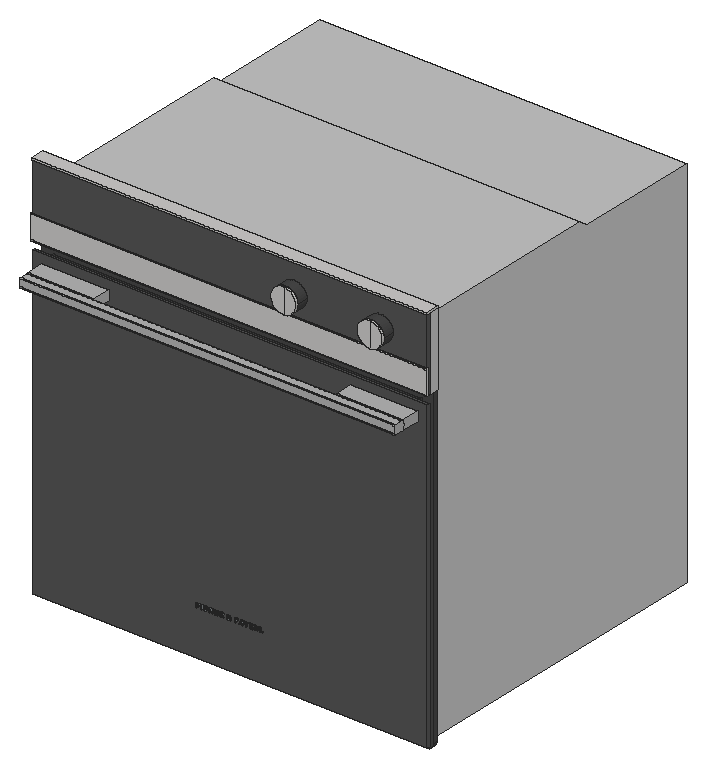
Revit family "FP-Revit18-OB60SC7CEX3-Oven-0-AU-CN-IE-NZ-UK-90002663A", category Specialty Equipment, Revit 2018
Family settings
  Round Connector Dimension = Use Diameter
  Part Type = Normal
  OmniClass Number = 23.40.40.14.17.11
  OmniClass Title = Cookers, Ovens, Stoves
  Work Plane-Based = No
  Always vertical = Yes
  Cut with Voids When Loaded = Yes
  Shared = No
  Room Calculation Point = No
Parameters (values of type "OB60SC7CEX3")
  Visibility - Clearance Required = yes
  URL = "www.fisherpaykel.com"
  Product - Width = 597 mm  # constant formula
  Product - Height = 598 mm  # constant formula
  Product - Depth = 565 mm  # constant formula
  Model = "OB60SC7CEX3"
  Material - Trim = Fisher & Paykel - Stainless Steel
  Material - Structure = Fisher & Paykel - Black
  Material - Logo = Fisher & Paykel - Graphics Grey
  Material - Handle = Fisher & Paykel - Aluminium
  Material - Glass = Fisher & Paykel - Glass, Black
  Material - Buttons and Dials = Fisher & Paykel - Stainless Steel
  Material - Body = Fisher & Paykel - Grey
  Manufacturer = "Fisher & Paykel Appliances"
  FFL Offset [instance] = 200 mm
  Description = "60cm Built-In Oven"
  Connector Note - Electrical = "220-240 V, 12.3-13.3 A, 50 Hz"
  Chassis - Width = 552 mm  # constant formula
  Chassis - Height = 575 mm  # constant formula
  Chassis - Depth = 545 mm  # constant formula
  Cavity - Width = 560 mm  # constant formula
  Cavity - Height = 580 mm  # constant formula
  Cavity - Depth = 550 mm  # constant formula
Reference planes
  plane 1 "Datum": y = 0
  plane 2: z = 0
  plane 3 "Center (Left/Right)": x = 0
  plane 4 "Cavity": z = 780
  plane 5 "Product Height": z = 798
  plane 6 "Product LHS": x = -298.5
  plane 7 "Product RHS": x = 298.5
  plane 8 "Cavity LHS": x = -300
  plane 9 "Cavity RHS": x = 300
  plane 10 "Cavity - Depth": y = 550
  plane 11 "Product Depth": y = 545
  plane 12 "Front Face": y = -20
  plane 13 "FFL Offset": z = 200
  plane 14 "Cavity Height": z = 800
Forms (mm)
  Extrusion 1, solid, material "Fisher & Paykel - Grey" <- "Material - Body"
    sketch origin (0, 0, 0) x (0, 1, 0) y (0, 0, 1)
      loop
        line (0, 200) -> (525, 200) -> (525, 393.99) -> (545, 413.99) -> (545, 609.73) -> (495, 659.73) -> (495, 764.6) -> (307.721, 764.6) -> (293.958, 775) -> (0, 775) -> (0, 200)
    from -276 to 276
  Extrusion 2, void
    sketch origin (0, 0, 0) x (1, 0, 0) y (0, 1, 0)
      loop
        line (-278.5, 495) -> (-229.63, 495) -> (-179.63, 545) -> (-278.5, 545) -> (-278.5, 495)
      loop
        line (278.5, 495) -> (278.5, 545) -> (94.617, 545) -> (114.617, 525) -> (199.13, 525) -> (229.13, 495) -> (278.5, 495)
    from 200 to 764.6
  Extrusion 3, solid, material "Fisher & Paykel - Stainless Steel" <- "Material - Trim"
    sketch origin (0, 0, 0) x (0, 1, 0) y (0, 0, 1)
      loop
        line (0, 798) -> (-20.5, 798) -> (-20.5, 795.1) -> (0, 795.1) -> (0, 798)
    from -297.35 to 297.35
  Extrusion 4, solid, material "Fisher & Paykel - Grey" <- "Material - Body"
    sketch origin (0, 0, 0) x (0, 1, 0) y (0, 0, 1)
      loop
        line (-16, 795.1) -> (-16, 685.199) -> (0, 685.199) -> (0, 795.1) -> (-16, 795.1)
    from -297.35 to 297.35
  Extrusion 5, solid, material "Fisher & Paykel - Glass, Black" <- "Material - Glass"
    sketch origin (0, 0, 0) x (1, 0, 0) y (0, 0, 1)
      loop
        line (-297.25, 673.199) -> (-297.25, 210.2) -> (297.25, 210.2) -> (297.25, 673.199) -> (-297.25, 673.199)
      loop
        line (-297.35, 686.052) -> (297.35, 686.052) -> (297.35, 794.5) -> (-297.35, 794.5) -> (-297.35, 686.052)
    from 16 to 20
  Extrusion 6, solid, material "Fisher & Paykel - Black" <- "Material - Structure"
    sketch origin (0, 0, 0) x (0, 1, 0) y (0, 0, 1)
      loop
        line (-13.8, 671.699) -> (-16, 671.699) -> (-16, 212.7) -> (-5, 212.7) -> (-5, 668.496) -> (-13.8, 671.699)
    from -277 to 277
  Extrusion 7, solid, material "Fisher & Paykel - Black" <- "Material - Structure"
    sketch origin (0, 0, 0) x (1, 0, 0) y (0, 0, 1)
      loop
        line (-295.5, 685.199) -> (-295.5, 209.536)
        arc (-295.5, 209.536) -> (-292.707, 202.793) -> (-285.964, 200) r 9.536
        line (-285.964, 200) -> (286, 200)
        arc (286, 200) -> (292.718, 202.782) -> (295.5, 209.5) r 9.5
        line (295.5, 209.5) -> (295.5, 685.199) -> (-295.5, 685.199)
    from 0 to 5
  Extrusion 8, solid, material "Fisher & Paykel - Clearance Required", visible <- "Visibility - Clearance Required", detail levels coarse
    sketch origin (0, 0, 0) x (0, 1, 0) y (0, 0, 1)
      loop
        line (0, 800) -> (-20, 800) -> (-20, 673.254)
        arc (-20, 673.254) -> (-320.822, 551.394) -> (-469.99, 263.137) r 467.908
        line (-469.99, 263.137) -> (-462.266, 262.194) -> (-467.348, 220.567) -> (-449.569, 218.396) -> (-444.479, 260.086) -> (-20, 208.26) -> (-20, 200) -> (0, 200) -> (0, 800)
    from -300 to 300
  Extrusion 9, solid, material "Fisher & Paykel - Clearance Required", visible <- "Visibility - Clearance Required", detail levels coarse
    sketch origin (0, 0, 0) x (1, 0, 0) y (0, 1, 0)
      loop
        line (-280, 0) -> (280, 0) -> (280, 550) -> (-280, 550) -> (-280, 0)
    from 200 to 780
  Extrusion 10, void
    sketch origin (0, 0, 0) x (1, 0, 0) y (0, 1, 0)
      loop
        line (-300, -20) -> (300, -20) -> (300, 0) -> (-300, 0) -> (-300, -20)
    from 200 to 800
  Extrusion 11, solid, material "Fisher & Paykel - Stainless Steel" <- "Material - Trim", detail levels fine
    sketch origin (0, 0, 0) x (0, 1, 0) y (0, 0, 1)
      loop
        line (-22.25, 722.193) -> (-22.25, 687.281)
        arc (-22.25, 687.281) -> (-21.89, 686.412) -> (-21.021, 686.052) r 1.229
        line (-21.021, 686.052) -> (-20, 686.052) -> (-20, 723.356) -> (-21.087, 723.356)
        arc (-21.087, 723.356) -> (-21.909, 723.015) -> (-22.25, 722.193) r 1.163
    from -298.5 to 298.5
  Extrusion 12, void
    sketch origin (0, 0, 0) x (1, 0, 0) y (0, 1, 0)
      loop
        line (-280, 550) -> (-280, 0) -> (280, 0) -> (280, 550) -> (-280, 550)
    from 200 to 780
  Extrusion 13, solid, material "Fisher & Paykel - Black"
    sketch origin (0, 0, 0) x (1, 0, 0) y (0, 0, 1)
      loop
        circle (226.999, 752.449) r 18.791
      loop
        circle (97, 752.449) r 18.791
    from 20 to 37.3
  Revolve 14, solid, material "Fisher & Paykel - Stainless Steel" <- "Material - Buttons and Dials", detail levels fine
    sketch origin (97, 0, 0) x (0, 1, 0) y (0, 0, 1)
      loop
        line (-40.3, 752.449) -> (-37.3, 752.449) -> (-37.3, 771.24) -> (-40.3, 771.24) -> (-40.3, 752.449)
      axis (-37.3, 752.449) -> (-40.3, 752.449)
    angle from 0 to 360
  Revolve 15, solid, material "Fisher & Paykel - Stainless Steel" <- "Material - Buttons and Dials", detail levels fine
    sketch origin (226.999, 0, 0) x (0, 1, 0) y (0, 0, 1)
      loop
        line (-40.3, 752.449) -> (-37.3, 752.449) -> (-37.3, 771.24) -> (-40.3, 771.24) -> (-40.3, 752.449)
      axis (-37.3, 752.449) -> (-40.3, 752.449)
    angle from 0 to 360
  Extrusion 16, solid, material "Fisher & Paykel - Aluminium" <- "Material - Handle", detail levels fine
    sketch origin (0, -21, 652.521) x (0, 1, 0) y (0, 0, 1)
      loop
        arc (-26.813, 6.16) -> (-27.196, 6.554) -> (-27.728, 6.686) r 1
        line (-27.728, 6.686) -> (-40.035, 6.256)
        arc (-40.035, 6.256) -> (-40.719, 5.951) -> (-41, 5.257) r 1
        line (-41, 5.257) -> (-41, -5.257)
        arc (-41, -5.257) -> (-40.719, -5.951) -> (-40.035, -6.256) r 1
        line (-40.035, -6.256) -> (-27.709, -6.686)
        arc (-27.709, -6.686) -> (-27.175, -6.554) -> (-26.792, -6.158) r 1
        arc (-26.792, -6.158) -> (-25.256, 0.004) -> (-26.813, 6.16) r 13.038
    from -282.5 to 282.5
  Extrusion 17, solid, material "Fisher & Paykel - Aluminium" <- "Material - Handle", detail levels fine
    sketch origin (0, -21, 652.521) x (0, 1, 0) y (0, 0, 1)
      loop
        arc (-26.626, -6.008) -> (-26.614, -6.49) -> (-26.2, -6.737) r 0.5
        line (-26.2, -6.737) -> (1, -7.732) -> (1, 7.741) -> (-26.174, 6.747)
        arc (-26.174, 6.747) -> (-26.587, 6.5) -> (-26.6, 6.019) r 0.5
        arc (-26.6, 6.019) -> (-25.156, 0.002) -> (-26.626, -6.008) r 13.136
    from 182.5 to 282.5
  Extrusion 18, solid, material "Fisher & Paykel - Aluminium" <- "Material - Handle", detail levels coarse+medium
    sketch origin (0, -21, 652.521) x (1, 0, 0) y (0, 1, 0)
      loop
        line (-282.5, -41) -> (282.5, -41) -> (282.5, 1) -> (182.5, 1) -> (182.5, -26.156) -> (-182.5, -26.156) -> (-182.5, 1) -> (-282.5, 1) -> (-282.5, -41)
    from -8.022 to 7.978
  Extrusion 19, solid, material "Fisher & Paykel - Aluminium" <- "Material - Handle", detail levels fine
    sketch origin (0, -21, 652.521) x (0, 1, 0) y (0, 0, 1)
      loop
        arc (-26.626, -6.008) -> (-26.614, -6.49) -> (-26.2, -6.737) r 0.5
        line (-26.2, -6.737) -> (1, -7.732) -> (1, 7.741) -> (-26.174, 6.747)
        arc (-26.174, 6.747) -> (-26.587, 6.5) -> (-26.6, 6.019) r 0.5
        arc (-26.6, 6.019) -> (-25.156, 0.002) -> (-26.626, -6.008) r 13.136
    from -282.5 to -182.5
  Extrusion 20, solid, material "Fisher & Paykel - Aluminium" <- "Material - Handle", not visible, detail levels fine
    sketch origin (0, -22, 652) x (0, 1, 0) y (0, 0, 1)
      loop
        arc (-26.813, 6.16) -> (-27.196, 6.554) -> (-27.728, 6.686) r 1
        line (-27.728, 6.686) -> (-40.035, 6.256)
        arc (-40.035, 6.256) -> (-40.719, 5.951) -> (-41, 5.257) r 1
        line (-41, 5.257) -> (-41, -5.257)
        arc (-41, -5.257) -> (-40.719, -5.951) -> (-40.035, -6.256) r 1
        line (-40.035, -6.256) -> (-27.709, -6.686)
        arc (-27.709, -6.686) -> (-27.175, -6.554) -> (-26.792, -6.158) r 1
        arc (-26.792, -6.158) -> (-25.256, 0.004) -> (-26.813, 6.16) r 13.038
    from -282.5 to 282.5
  Extrusion 21, solid, material "Fisher & Paykel - Aluminium" <- "Material - Handle", not visible, detail levels fine
    sketch origin (0, -22, 652) x (0, 1, 0) y (0, 0, 1)
      loop
        arc (-26.626, -6.008) -> (-26.614, -6.49) -> (-26.2, -6.737) r 0.5
        line (-26.2, -6.737) -> (1, -7.732) -> (1, 7.741) -> (-26.174, 6.747)
        arc (-26.174, 6.747) -> (-26.587, 6.5) -> (-26.6, 6.019) r 0.5
        arc (-26.6, 6.019) -> (-25.156, 0.002) -> (-26.626, -6.008) r 13.136
    from 182.5 to 282.5
  Extrusion 22, solid, material "Fisher & Paykel - Aluminium" <- "Material - Handle", not visible, detail levels coarse+medium
    sketch origin (0, -22, 652) x (1, 0, 0) y (0, 1, 0)
      loop
        line (-282.5, -41) -> (282.5, -41) -> (282.5, 1) -> (182.5, 1) -> (182.5, -26.156) -> (-182.5, -26.156) -> (-182.5, 1) -> (-282.5, 1) -> (-282.5, -41)
    from -8.022 to 7.978
  Extrusion 23, solid, material "Fisher & Paykel - Aluminium" <- "Material - Handle", not visible, detail levels fine
    sketch origin (0, -22, 652) x (0, 1, 0) y (0, 0, 1)
      loop
        arc (-26.626, -6.008) -> (-26.614, -6.49) -> (-26.2, -6.737) r 0.5
        line (-26.2, -6.737) -> (1, -7.732) -> (1, 7.741) -> (-26.174, 6.747)
        arc (-26.174, 6.747) -> (-26.587, 6.5) -> (-26.6, 6.019) r 0.5
        arc (-26.6, 6.019) -> (-25.156, 0.002) -> (-26.626, -6.008) r 13.136
    from -282.5 to -182.5
  Extrusion 24, solid, material "Fisher & Paykel - Graphics Grey" <- "Material - Logo", detail levels fine
    sketch origin (0, -20, 278.956) x (1, 0, 0) y (0, 0, 1)
      loop
        line (-50.044, 0) -> (-48.47, 0) -> (-48.47, 2.138) -> (-46.011, 2.138) -> (-46.011, 3.472) -> (-48.47, 3.472) -> (-48.47, 4.712) -> (-45.795, 4.712) -> (-45.795, 6.04) -> (-50.044, 6.04) -> (-50.044, 0)
      loop
        line (-42.804, 6.04) -> (-42.804, 0) -> (-41.23, 0) -> (-41.23, 6.04) -> (-42.804, 6.04)
      loop
        line (-30.724, 6.04) -> (-30.724, 0) -> (-29.151, 0) -> (-29.151, 2.42) -> (-26.839, 2.42) -> (-26.839, 0) -> (-25.265, 0) -> (-25.265, 6.04) -> (-26.839, 6.04) -> (-26.839, 3.748) -> (-29.151, 3.748) -> (-29.151, 6.04) -> (-30.724, 6.04)
      loop
        line (-21.906, 6.04) -> (-21.906, 0) -> (-17.602, 0) -> (-17.602, 1.328) -> (-20.347, 1.328) -> (-20.347, 2.42) -> (-17.838, 2.42) -> (-17.838, 3.748) -> (-20.347, 3.748) -> (-20.347, 4.712) -> (-17.602, 4.712) -> (-17.602, 6.04) -> (-21.906, 6.04)
      loop
        line (45.667, 6.04) -> (45.667, 0) -> (49.956, 0) -> (49.956, 1.328) -> (47.241, 1.328) -> (47.241, 6.04) -> (45.667, 6.04)
      loop
        line (42.431, 6.04) -> (38.112, 6.04) -> (38.112, 0) -> (42.431, 0) -> (42.431, 1.328) -> (39.687, 1.328) -> (39.687, 2.42) -> (42.195, 2.42) -> (42.195, 3.748) -> (39.687, 3.748) -> (39.687, 4.712) -> (42.431, 4.712) -> (42.431, 6.04)
      loop
        line (33.451, 3.148) -> (35.683, 6.04) -> (33.844, 6.04) -> (31.915, 3.542) -> (31.915, 6.04) -> (30.342, 6.04) -> (30.342, 0) -> (31.915, 0) -> (31.915, 2.705) -> (33.903, 0) -> (35.763, 0) -> (33.451, 3.148)
      loop
        line (21.98, 6.04) -> (24.262, 2.42) -> (24.262, 0) -> (25.837, 0) -> (25.837, 2.341) -> (28.119, 6.04) -> (26.446, 6.04) -> (25.099, 3.707) -> (23.753, 6.04) -> (21.98, 6.04)
      loop
        line (18.479, 6.04) -> (16.983, 6.04) -> (14.524, 0) -> (16.069, 0) -> (16.501, 1.112) -> (18.921, 1.112) -> (19.354, 0) -> (20.938, 0) -> (18.479, 6.04)
      loop
        line (18.4, 2.439) -> (17.693, 4.174) -> (17.018, 2.439) -> (18.4, 2.439)
      loop
        line (8.031, 6.04) -> (8.031, 0) -> (9.605, 0) -> (9.605, 1.938) -> (10.599, 1.938)
        arc (10.599, 1.938) -> (12.65, 3.989) -> (10.599, 6.04) r 2.051
        line (10.599, 6.04) -> (8.031, 6.04)
      loop
        line (9.605, 4.712) -> (9.605, 3.197) -> (10.501, 3.197)
        arc (10.501, 3.197) -> (11.259, 3.954) -> (10.501, 4.712) r 0.757
        line (10.501, 4.712) -> (9.605, 4.712)
      loop
        line (-11.783, 6.04) -> (-14.366, 6.04) -> (-14.366, 0) -> (-12.792, 0) -> (-12.792, 1.336) -> (-11.992, 1.336) -> (-10.972, 0) -> (-9.153, 0) -> (-10.694, 1.973)
        arc (-10.694, 1.973) -> (-9.678, 4.424) -> (-11.783, 6.04) r 2.179
      loop
        line (-11.897, 4.712) -> (-12.792, 4.712) -> (-12.792, 3.053) -> (-11.897, 3.053)
        arc (-11.897, 3.053) -> (-11.068, 3.882) -> (-11.897, 4.712) r 0.83
      loop
        line (0.477, 4.712) -> (0.477, 6.153) -> (-3.575, 6.153) -> (-3.575, 4.851) -> (-2.974, 4.112)
        arc (-2.974, 4.112) -> (-3.51, 0.684) -> (-0.045, 0.512) r 2.334
        line (-0.045, 0.512) -> (0.46, -0.109) -> (2.246, -0.109) -> (0.86, 1.594) -> (2.061, 3.324) -> (0.443, 3.324) -> (-0.013, 2.667) -> (-1.677, 4.712) -> (0.477, 4.712)
      loop
        arc (-2.125, 3.068) -> (-2.269, 1.668) -> (-0.868, 1.524) r 0.996
        line (-0.868, 1.524) -> (-2.125, 3.068)
      loop
        line (-35.18, 3.634) -> (-36.516, 3.91)
        arc (-36.516, 3.91) -> (-37.049, 4.443) -> (-36.516, 4.976) r 0.533
        arc (-36.516, 4.976) -> (-35.235, 4.79) -> (-34.059, 4.248) r 4.505
        line (-34.059, 4.248) -> (-34.059, 5.743)
        arc (-34.059, 5.743) -> (-35.549, 6.179) -> (-37.1, 6.109) r 4.726
        arc (-37.1, 6.109) -> (-38.536, 4.335) -> (-37.1, 2.561) r 1.814
        line (-37.1, 2.561) -> (-35.754, 2.282)
        arc (-35.754, 2.282) -> (-35.221, 1.749) -> (-35.754, 1.216) r 0.533
        arc (-35.754, 1.216) -> (-37.035, 1.402) -> (-38.211, 1.945) r 4.505
        line (-38.211, 1.945) -> (-38.211, 0.449)
        arc (-38.211, 0.449) -> (-36.72, 0.013) -> (-35.169, 0.083) r 4.726
        arc (-35.169, 0.083) -> (-33.734, 1.863) -> (-35.18, 3.634) r 1.814
    from 0 to 0.8
  Extrusion 25, solid, material "Fisher & Paykel - Grey" <- "Material - Body"
    sketch origin (154.861, 0, 0) x (0, 1, 0) y (0, 0, 1)
      loop
        circle (504.5, 703) r 4
    from -410 to -372.861
  Extrusion 26, solid, material "Fisher & Paykel - Grey" <- "Material - Body"
    sketch origin (154.861, 0, 0) x (0, 1, 0) y (0, 0, 1)
      loop
        line (495, 683) -> (514, 683) -> (514, 736) -> (495, 736) -> (495, 683)
    from -372.861 to -289.861
Cuts and joins
  Extrusion 2 cuts Extrusion 1
Lines and regions (mm)
  model lines, style "Fisher & Paykel"
    curve 1: line (217.5, -20, 334) -> (-217.5, -20, 334)
    curve 2: line (217.5, -20, 617.236) -> (217.5, -20, 334)
    curve 3: line (-217.5, -20, 617.236) -> (217.5, -20, 617.236)
    curve 4: line (-217.5, -20, 334) -> (-217.5, -20, 617.236)
Text (mm)
  text "Due to ongoing product development, product details are subject to change without notice. \nPlease always refer to www.fisherpaykel.com for the most current product information. \n© Fisher & Paykel 2020" at (40.64, -604.808, 0), in view "Ref. Level (Plan)"
Dimensions and locks
  equal spacing: plane 6 "Product LHS", plane 3 "Center (Left/Right)", plane 7 "Product RHS"
  "Product - Width": plane 6 "Product LHS" to plane 7 "Product RHS"
  equal spacing: plane 8 "Cavity LHS", plane 3 "Center (Left/Right)", plane 9 "Cavity RHS"
  "Cavity - Depth": plane 10 "Cavity - Depth" to plane 1 "Datum"
  "Chassis - Depth": plane 11 "Product Depth" to plane 1 "Datum"
  plane 12 "Front Face" to plane 1 "Datum" = 20 mm
  "Product - Depth": plane 11 "Product Depth" to plane 12 "Front Face"
  "FFL Offset": plane 13 "FFL Offset" to level
  "Product - Height": plane 5 "Product Height" to plane 13 "FFL Offset"
  "Cavity - Height": plane 4 "Cavity" to plane 13 "FFL Offset"
  Extrusion 5 to plane 13 "FFL Offset" = 10.2 mm
  Extrusion 6 to plane 13 "FFL Offset" = 12.7 mm
  locked: plane 5 "Product Height" to cut or joined group of Extrusion 1, Extrusion 2 at 33.4
  locked: Extrusion 8 sketch curve to plane 13 "FFL Offset" at 473.254
  locked: Extrusion 8 sketch curve to Extrusion 8 sketch curve at 42
  locked: Extrusion 8 sketch curve to Extrusion 8 sketch curve at 427.631
  locked: plane 14 "Cavity Height" to plane 13 "FFL Offset" at 600
  locked: Extrusion 18 to plane 13 "FFL Offset" at 460.499
  locked: Extrusion 24 to plane 13 "FFL Offset" at 78.847
  equal spacing: Extrusion 9, plane 3 "Center (Left/Right)", Extrusion 9
  "Cavity - Width": Extrusion 9 to Extrusion 9
  equal spacing: cut or joined group of Extrusion 1, Extrusion 2, plane 3 "Center (Left/Right)", cut or joined group of Extrusion 1, Extrusion 2
  "Chassis - Width": cut or joined group of Extrusion 1, Extrusion 2 to cut or joined group of Extrusion 1, Extrusion 2
  aligned and locked: level to plane 2
  aligned and locked: plane 8 "Cavity LHS" to Extrusion 8
  aligned and locked: Extrusion 8 to plane 9 "Cavity RHS"
  aligned and locked: Extrusion 1 sketch curve to plane 13 "FFL Offset"
  aligned and locked: Extrusion 1 to Extrusion 2
  aligned and locked: Extrusion 2 to Extrusion 1
  aligned and locked: plane 13 "FFL Offset" to Extrusion 8 sketch curve
  aligned and locked: plane 13 "FFL Offset" to Extrusion 7 sketch curve
  aligned and locked: Extrusion 12 to cut or joined group of Extrusion 1, Extrusion 2
  aligned and locked: plane 4 "Cavity" to Extrusion 12
  aligned and locked: plane 4 "Cavity" to Extrusion 9
  aligned and locked: Extrusion 9 to cut or joined group of Extrusion 1, Extrusion 2
  aligned and locked: Extrusion 10 to cut or joined group of Extrusion 1, Extrusion 2
  aligned and locked: Extrusion 10 to Extrusion 7
  aligned and locked: Extrusion 10 to Extrusion 8
  aligned and locked: plane 14 "Cavity Height" to Extrusion 10
  aligned and locked: Extrusion 12 to Extrusion 9  (x2)
Automatic sketch dimensions
  Extrusion 1 sketch curve to plane 1 "Datum" = 0 mm
  Extrusion 1 sketch curve to plane 11 "Product Depth" = 0 mm
  Extrusion 1 sketch curve to plane 4 "Cavity" = 5 mm
  Extrusion 1 sketch curve to plane 11 "Product Depth" = 251.042 mm
  Extrusion 1 sketch curve to Extrusion 1 sketch curve = 13.762 mm
  Extrusion 1 sketch curve to plane 4 "Cavity" = 15.4 mm
  Extrusion 1 sketch curve to plane 11 "Product Depth" = 50 mm
  Extrusion 1 sketch curve to plane 11 "Product Depth" = 20 mm
  Extrusion 1 sketch curve to Extrusion 1 sketch curve = 193.99 mm
  Extrusion 1 sketch curve to Extrusion 1 sketch curve = 20 mm
  Extrusion 1 sketch curve to Extrusion 1 sketch curve = 154.87 mm
  Extrusion 1 sketch curve to Extrusion 1 sketch curve = 50 mm
  Extrusion 2 sketch curve to plane 11 "Product Depth" = 0 mm  (x2)
  Extrusion 2 sketch curve to plane 6 "Product LHS" = 20 mm
  Extrusion 2 sketch curve to Extrusion 2 sketch curve = 48.87 mm
  Extrusion 2 sketch curve to Extrusion 2 sketch curve = 50 mm  (x3)
  plane 3 "Center (Left/Right)" to Extrusion 2 sketch curve = 94.617 mm
  Extrusion 2 sketch curve to Extrusion 2 sketch curve = 20 mm
  Extrusion 2 sketch curve to plane 11 "Product Depth" = 20 mm
  Extrusion 2 sketch curve to Extrusion 2 sketch curve = 84.513 mm
  Extrusion 2 sketch curve to Extrusion 2 sketch curve = 30 mm
  plane 7 "Product RHS" to Extrusion 2 sketch curve = 20 mm
  Extrusion 3 sketch curve to plane 1 "Datum" = 0 mm
  Extrusion 3 sketch curve to plane 12 "Front Face" = 0.5 mm
  Extrusion 3 sketch curve to plane 5 "Product Height" = 2.9 mm
  plane 5 "Product Height" to Extrusion 3 sketch curve = 0 mm
  Extrusion 4 sketch curve to plane 1 "Datum" = 0 mm
  plane 12 "Front Face" to Extrusion 4 sketch curve = 4 mm
  Extrusion 4 sketch curve to plane 4 "Cavity" = 94.801 mm
  Extrusion 4 sketch curve to plane 5 "Product Height" = 2.9 mm
  Extrusion 5 sketch curve to plane 6 "Product LHS" = 1.25 mm
  Extrusion 5 sketch curve to plane 6 "Product LHS" = 1.15 mm
  plane 7 "Product RHS" to Extrusion 5 sketch curve = 1.15 mm
  plane 7 "Product RHS" to Extrusion 5 sketch curve = 1.25 mm
  plane 13 "FFL Offset" to Extrusion 5 sketch curve = 10.2 mm
  Extrusion 5 sketch curve to plane 4 "Cavity" = 106.801 mm
  Extrusion 5 sketch curve to Extrusion 5 sketch curve = 12.853 mm
  Extrusion 5 sketch curve to plane 5 "Product Height" = 3.5 mm
  plane 12 "Front Face" to Extrusion 6 sketch curve = 4 mm
  Extrusion 6 sketch curve to Extrusion 6 sketch curve = 2.2 mm
  plane 1 "Datum" to Extrusion 6 sketch curve = 5 mm
  plane 13 "FFL Offset" to Extrusion 6 sketch curve = 12.7 mm
  Extrusion 6 sketch curve to plane 4 "Cavity" = 111.504 mm
  Extrusion 6 sketch curve to Extrusion 6 sketch curve = 3.203 mm
  Extrusion 7 sketch curve to plane 6 "Product LHS" = 3 mm
  Extrusion 7 sketch curve to Extrusion 7 sketch curve = 9.536 mm
  plane 7 "Product RHS" to Extrusion 7 sketch curve = 12.5 mm
  plane 7 "Product RHS" to Extrusion 7 sketch curve = 3 mm
  Extrusion 7 sketch curve to plane 4 "Cavity" = 94.801 mm
  Extrusion 9 sketch curve to plane 10 "Cavity - Depth" = 0 mm
  plane 1 "Datum" to Extrusion 9 sketch curve = 0 mm
  Extrusion 9 sketch curve to plane 6 "Product LHS" = 18.5 mm
  plane 7 "Product RHS" to Extrusion 9 sketch curve = 18.5 mm
  plane 1 "Datum" to Extrusion 10 sketch curve = 0 mm
  Extrusion 10 sketch curve to plane 8 "Cavity LHS" = 0 mm
  Extrusion 10 sketch curve to plane 9 "Cavity RHS" = 0 mm
  Extrusion 10 sketch curve to plane 12 "Front Face" = 0 mm
  Extrusion 11 sketch curve to plane 12 "Front Face" = 0 mm
  Extrusion 11 sketch curve to Extrusion 11 sketch curve = 1.021 mm
  Extrusion 11 sketch curve to plane 12 "Front Face" = 1.087 mm
  Extrusion 11 sketch curve to Extrusion 11 sketch curve = 1.229 mm
  Extrusion 11 sketch curve to plane 4 "Cavity" = 93.948 mm
  Extrusion 11 sketch curve to Extrusion 11 sketch curve = 34.912 mm
  plane 1 "Datum" to Extrusion 12 sketch curve = 0 mm
  Extrusion 12 sketch curve to plane 10 "Cavity - Depth" = 0 mm
  Extrusion 12 sketch curve to plane 6 "Product LHS" = 18.5 mm
  plane 7 "Product RHS" to Extrusion 12 sketch curve = 18.5 mm
  Revolve 14 sketch curve to plane 12 "Front Face" = 20.3 mm
  Revolve 14 sketch curve to Revolve 14 sketch curve = 3 mm
  Revolve 14 sketch curve to plane 4 "Cavity" = 27.551 mm
  Revolve 14 sketch curve to plane 4 "Cavity" = 8.76 mm
  Revolve 14 sketch curve to Revolve 14 sketch curve = 6.8 mm
  Revolve 14 sketch curve to Revolve 14 sketch curve = 3.2 mm
  Revolve 14 sketch curve to Revolve 14 sketch curve = 0 mm
  Revolve 15 sketch curve to plane 12 "Front Face" = 20.3 mm
  Revolve 15 sketch curve to Revolve 15 sketch curve = 3 mm
  Revolve 15 sketch curve to plane 4 "Cavity" = 27.551 mm
  Revolve 15 sketch curve to plane 4 "Cavity" = 8.76 mm
  Revolve 15 sketch curve to Revolve 15 sketch curve = 6.8 mm
  Revolve 15 sketch curve to Revolve 15 sketch curve = 3.2 mm
  Revolve 15 sketch curve to Revolve 15 sketch curve = 0 mm
  Extrusion 16 sketch curve to Extrusion 16 sketch curve = 0.965 mm  (x2)
  Extrusion 16 sketch curve to Extrusion 16 sketch curve = 0.035 mm  (x4)
  Extrusion 16 sketch curve to Extrusion 16 sketch curve = 1.706 mm
  Extrusion 16 sketch curve to Extrusion 16 sketch curve = 12.307 mm
  Extrusion 16 sketch curve to Extrusion 16 sketch curve = 12.326 mm
  Extrusion 16 sketch curve to Extrusion 16 sketch curve = 0.999 mm  (x2)
  Extrusion 16 sketch curve to Extrusion 16 sketch curve = 5.238 mm
  Extrusion 16 sketch curve to Extrusion 16 sketch curve = 0 mm
  Extrusion 17 sketch curve to Extrusion 17 sketch curve = 12.091 mm
  Extrusion 17 sketch curve to Extrusion 17 sketch curve = 0.018 mm  (x2)
  Extrusion 17 sketch curve to Extrusion 17 sketch curve = 0.008 mm
  Extrusion 17 sketch curve to Extrusion 17 sketch curve = 27.174 mm
  Extrusion 17 sketch curve to Extrusion 17 sketch curve = 15.473 mm
  Extrusion 17 sketch curve to Extrusion 17 sketch curve = 0.5 mm  (x2)
  Extrusion 17 sketch curve to Extrusion 17 sketch curve = 0 mm
  Extrusion 18 sketch curve to Extrusion 18 sketch curve = 14.844 mm
  Extrusion 18 sketch curve to Extrusion 18 sketch curve = 27.156 mm  (x2)
  Extrusion 19 sketch curve to Extrusion 19 sketch curve = 12.091 mm
  Extrusion 19 sketch curve to Extrusion 19 sketch curve = 0.018 mm  (x2)
  Extrusion 19 sketch curve to Extrusion 19 sketch curve = 0.008 mm
  Extrusion 19 sketch curve to Extrusion 19 sketch curve = 27.174 mm
  Extrusion 19 sketch curve to Extrusion 19 sketch curve = 15.473 mm
  Extrusion 19 sketch curve to Extrusion 19 sketch curve = 0.5 mm  (x2)
  Extrusion 19 sketch curve to Extrusion 19 sketch curve = 0 mm
  Extrusion 16 sketch curve to Extrusion 16 sketch curve = 0.43 mm
  Extrusion 16 sketch curve to Extrusion 16 sketch curve = 5.275 mm
  Extrusion 16 sketch curve to Extrusion 16 sketch curve = 11.374 mm
  Extrusion 17 sketch curve to Extrusion 17 sketch curve = 0.995 mm
  Extrusion 17 sketch curve to Extrusion 17 sketch curve = 6.268 mm
  Extrusion 17 sketch curve to Extrusion 17 sketch curve = 12.255 mm
  Extrusion 18 sketch curve to Extrusion 18 sketch curve = 100 mm  (x2)
  Extrusion 18 sketch curve to Extrusion 18 sketch curve = 365 mm
  Extrusion 19 sketch curve to Extrusion 19 sketch curve = 0.995 mm
  Extrusion 19 sketch curve to Extrusion 19 sketch curve = 6.268 mm
  Extrusion 19 sketch curve to Extrusion 19 sketch curve = 12.255 mm
  Extrusion 20 sketch curve to Extrusion 20 sketch curve = 0.965 mm  (x2)
  Extrusion 20 sketch curve to Extrusion 20 sketch curve = 0.035 mm  (x4)
  Extrusion 20 sketch curve to Extrusion 20 sketch curve = 1.706 mm
  Extrusion 20 sketch curve to Extrusion 20 sketch curve = 12.307 mm
  Extrusion 20 sketch curve to Extrusion 20 sketch curve = 12.326 mm
  Extrusion 20 sketch curve to Extrusion 20 sketch curve = 0.999 mm  (x2)
  Extrusion 20 sketch curve to Extrusion 20 sketch curve = 5.238 mm
  Extrusion 20 sketch curve to Extrusion 20 sketch curve = 0 mm
  Extrusion 21 sketch curve to Extrusion 21 sketch curve = 12.091 mm
  Extrusion 21 sketch curve to Extrusion 21 sketch curve = 0.018 mm  (x2)
  Extrusion 21 sketch curve to Extrusion 21 sketch curve = 0.008 mm
  Extrusion 21 sketch curve to Extrusion 21 sketch curve = 27.174 mm
  Extrusion 21 sketch curve to Extrusion 21 sketch curve = 15.473 mm
  Extrusion 21 sketch curve to Extrusion 21 sketch curve = 0.5 mm  (x2)
  Extrusion 21 sketch curve to Extrusion 21 sketch curve = 0 mm
  Extrusion 22 sketch curve to Extrusion 22 sketch curve = 14.844 mm
  Extrusion 22 sketch curve to Extrusion 22 sketch curve = 27.156 mm  (x2)
  Extrusion 23 sketch curve to Extrusion 23 sketch curve = 12.091 mm
  Extrusion 23 sketch curve to Extrusion 23 sketch curve = 0.018 mm  (x2)
  Extrusion 23 sketch curve to Extrusion 23 sketch curve = 0.008 mm
  Extrusion 23 sketch curve to Extrusion 23 sketch curve = 27.174 mm
  Extrusion 23 sketch curve to Extrusion 23 sketch curve = 15.473 mm
  Extrusion 23 sketch curve to Extrusion 23 sketch curve = 0.5 mm  (x2)
  Extrusion 23 sketch curve to Extrusion 23 sketch curve = 0 mm
  Extrusion 20 sketch curve to Extrusion 20 sketch curve = 0.43 mm
  Extrusion 20 sketch curve to Extrusion 20 sketch curve = 5.275 mm
  Extrusion 20 sketch curve to Extrusion 20 sketch curve = 11.374 mm
  Extrusion 21 sketch curve to Extrusion 21 sketch curve = 0.995 mm
  Extrusion 21 sketch curve to Extrusion 21 sketch curve = 6.268 mm
  Extrusion 21 sketch curve to Extrusion 21 sketch curve = 12.255 mm
  Extrusion 22 sketch curve to Extrusion 22 sketch curve = 100 mm  (x2)
  Extrusion 22 sketch curve to Extrusion 22 sketch curve = 365 mm
  Extrusion 23 sketch curve to Extrusion 23 sketch curve = 0.995 mm
  Extrusion 23 sketch curve to Extrusion 23 sketch curve = 6.268 mm
  Extrusion 23 sketch curve to Extrusion 23 sketch curve = 12.255 mm
  Extrusion 24 sketch curve to plane 6 "Product LHS" = 248.456 mm
  Extrusion 24 sketch curve to Extrusion 24 sketch curve = 1.574 mm  (x12)
  Extrusion 24 sketch curve to Extrusion 24 sketch curve = 2.459 mm
  Extrusion 24 sketch curve to Extrusion 24 sketch curve = 0.216 mm
  Extrusion 24 sketch curve to Extrusion 24 sketch curve = 3.207 mm
  Extrusion 24 sketch curve to Extrusion 24 sketch curve = 3.02 mm
  plane 13 "FFL Offset" to Extrusion 24 sketch curve = 81.516 mm
  Extrusion 24 sketch curve to Extrusion 24 sketch curve = 1.11 mm
  Extrusion 24 sketch curve to Extrusion 24 sketch curve = 0.379 mm
  Extrusion 24 sketch curve to Extrusion 24 sketch curve = 0.206 mm  (x2)
  Extrusion 24 sketch curve to Extrusion 24 sketch curve = 0.36 mm  (x2)
  Extrusion 24 sketch curve to Extrusion 24 sketch curve = 0.402 mm
  plane 13 "FFL Offset" to Extrusion 24 sketch curve = 81.238 mm
  Extrusion 24 sketch curve to Extrusion 24 sketch curve = 0 mm  (x19)
  plane 13 "FFL Offset" to Extrusion 24 sketch curve = 82.59 mm
  Extrusion 24 sketch curve to Extrusion 24 sketch curve = 1.335 mm  (x2)
  Extrusion 24 sketch curve to Extrusion 24 sketch curve = 1.121 mm
  Extrusion 24 sketch curve to Extrusion 24 sketch curve = 3.335 mm
  Extrusion 24 sketch curve to Extrusion 24 sketch curve = 2.312 mm  (x2)
  Extrusion 24 sketch curve to Extrusion 24 sketch curve = 3.359 mm
  Extrusion 24 sketch curve to Extrusion 24 sketch curve = 1.559 mm
  Extrusion 24 sketch curve to Extrusion 24 sketch curve = 2.508 mm  (x2)
  Extrusion 24 sketch curve to Extrusion 24 sketch curve = 0.236 mm  (x4)
  Extrusion 24 sketch curve to Extrusion 24 sketch curve = 3.236 mm  (x2)
  Extrusion 24 sketch curve to Extrusion 24 sketch curve = 0.8 mm
  Extrusion 24 sketch curve to Extrusion 24 sketch curve = 0.895 mm
  Extrusion 24 sketch curve to Extrusion 24 sketch curve = 0.114 mm
  Extrusion 24 sketch curve to Extrusion 24 sketch curve = 1.02 mm
  plane 13 "FFL Offset" to Extrusion 24 sketch curve = 80.929 mm
  Extrusion 24 sketch curve to Extrusion 24 sketch curve = 1.298 mm
  Extrusion 24 sketch curve to Extrusion 24 sketch curve = 1.82 mm
  Extrusion 24 sketch curve to Extrusion 24 sketch curve = 8.207 mm
  plane 13 "FFL Offset" to Extrusion 24 sketch curve = 83.067 mm
  Extrusion 24 sketch curve to Extrusion 24 sketch curve = 0.602 mm
  plane 13 "FFL Offset" to Extrusion 24 sketch curve = 82.024 mm
  Extrusion 24 sketch curve to Extrusion 24 sketch curve = 0.849 mm
  Extrusion 24 sketch curve to Extrusion 24 sketch curve = 0.425 mm
  Extrusion 24 sketch curve to Extrusion 24 sketch curve = 1.297 mm
  Extrusion 24 sketch curve to Extrusion 24 sketch curve = 0.203 mm
  plane 13 "FFL Offset" to Extrusion 24 sketch curve = 80.48 mm
  Extrusion 24 sketch curve to Extrusion 24 sketch curve = 0.628 mm
  plane 13 "FFL Offset" to Extrusion 24 sketch curve = 79.467 mm
  Extrusion 24 sketch curve to Extrusion 24 sketch curve = 0.824 mm
  plane 13 "FFL Offset" to Extrusion 24 sketch curve = 81.623 mm
  Extrusion 24 sketch curve to Extrusion 24 sketch curve = 0.855 mm
  plane 13 "FFL Offset" to Extrusion 24 sketch curve = 82.28 mm
  Extrusion 24 sketch curve to Extrusion 24 sketch curve = 0.456 mm
  Extrusion 24 sketch curve to Extrusion 24 sketch curve = 0.505 mm
  Extrusion 24 sketch curve to Extrusion 24 sketch curve = 0.034 mm  (x2)
  plane 13 "FFL Offset" to Extrusion 24 sketch curve = 80.55 mm
  Extrusion 24 sketch curve to Extrusion 24 sketch curve = 0.873 mm
  Extrusion 24 sketch curve to Extrusion 24 sketch curve = 1.618 mm
  plane 13 "FFL Offset" to Extrusion 24 sketch curve = 78.847 mm
  Extrusion 24 sketch curve to Extrusion 24 sketch curve = 1.785 mm
  Extrusion 24 sketch curve to Extrusion 24 sketch curve = 5.971 mm
  Extrusion 24 sketch curve to Extrusion 24 sketch curve = 0.896 mm
  Extrusion 24 sketch curve to Extrusion 24 sketch curve = 0.994 mm
  Extrusion 24 sketch curve to Extrusion 24 sketch curve = 3.925 mm
  Extrusion 24 sketch curve to Extrusion 24 sketch curve = 1.545 mm
  Extrusion 24 sketch curve to Extrusion 24 sketch curve = 0.433 mm  (x2)
  Extrusion 24 sketch curve to Extrusion 24 sketch curve = 0.482 mm
  Extrusion 24 sketch curve to Extrusion 24 sketch curve = 0.517 mm
  plane 13 "FFL Offset" to Extrusion 24 sketch curve = 83.13 mm
  Extrusion 24 sketch curve to Extrusion 24 sketch curve = 0.675 mm
  Extrusion 24 sketch curve to Extrusion 24 sketch curve = 1.381 mm
  plane 13 "FFL Offset" to Extrusion 24 sketch curve = 84.996 mm
  Extrusion 24 sketch curve to Extrusion 24 sketch curve = 1.495 mm
  Extrusion 24 sketch curve to Extrusion 24 sketch curve = 0.522 mm
  Extrusion 24 sketch curve to Extrusion 24 sketch curve = 1.584 mm
  Extrusion 24 sketch curve to Extrusion 24 sketch curve = 3.502 mm
  Extrusion 24 sketch curve to Extrusion 24 sketch curve = 1.772 mm
  Extrusion 24 sketch curve to Extrusion 24 sketch curve = 0.51 mm
  Extrusion 24 sketch curve to Extrusion 24 sketch curve = 0.837 mm
  Extrusion 24 sketch curve to Extrusion 24 sketch curve = 0.737 mm
  Extrusion 24 sketch curve to Extrusion 24 sketch curve = 2.694 mm
  Extrusion 24 sketch curve to Extrusion 24 sketch curve = 1.673 mm
  Extrusion 24 sketch curve to Extrusion 24 sketch curve = 2.223 mm
  Extrusion 24 sketch curve to Extrusion 24 sketch curve = 1.535 mm
  Extrusion 24 sketch curve to Extrusion 24 sketch curve = 1.928 mm
  Extrusion 24 sketch curve to Extrusion 24 sketch curve = 1.987 mm
  Extrusion 24 sketch curve to Extrusion 24 sketch curve = 1.839 mm
  Extrusion 24 sketch curve to Extrusion 24 sketch curve = 1.86 mm
  Extrusion 24 sketch curve to Extrusion 24 sketch curve = 2.429 mm
  Extrusion 24 sketch curve to Extrusion 24 sketch curve = 2.715 mm
  Extrusion 24 sketch curve to Extrusion 24 sketch curve = 2.561 mm
  Extrusion 24 sketch curve to Extrusion 24 sketch curve = 1.973 mm
  Extrusion 24 sketch curve to Extrusion 24 sketch curve = 0.109 mm  (x3)
  Extrusion 24 sketch curve to Extrusion 24 sketch curve = 4.174 mm
  Extrusion 24 sketch curve to Extrusion 24 sketch curve = 2.282 mm
  Extrusion 24 sketch curve to Extrusion 24 sketch curve = 2.111 mm
  Extrusion 24 sketch curve to Extrusion 24 sketch curve = 0.023 mm
  Extrusion 24 sketch curve to Extrusion 24 sketch curve = 1.112 mm
  Extrusion 24 sketch curve to Extrusion 24 sketch curve = 1.328 mm  (x10)
  Extrusion 24 sketch curve to Extrusion 24 sketch curve = 0.637 mm
  Extrusion 24 sketch curve to Extrusion 24 sketch curve = 0.795 mm
  Extrusion 24 sketch curve to Extrusion 24 sketch curve = 0.262 mm  (x2)
  Extrusion 24 sketch curve to Extrusion 24 sketch curve = 1.938 mm
  Extrusion 24 sketch curve to Extrusion 24 sketch curve = 0.616 mm
  Extrusion 24 sketch curve to Extrusion 24 sketch curve = 2.138 mm
  Extrusion 24 sketch curve to Extrusion 24 sketch curve = 2.341 mm
  Extrusion 24 sketch curve to Extrusion 24 sketch curve = 1.092 mm  (x2)
  Extrusion 24 sketch curve to Extrusion 24 sketch curve = 2.42 mm
  Extrusion 24 sketch curve to Extrusion 24 sketch curve = 0.079 mm
  Extrusion 24 sketch curve to Extrusion 24 sketch curve = 2.705 mm
  Extrusion 24 sketch curve to Extrusion 24 sketch curve = 1.716 mm
  Extrusion 24 sketch curve to Extrusion 24 sketch curve = 0.442 mm
  Extrusion 24 sketch curve to Extrusion 24 sketch curve = 1.259 mm
  Extrusion 24 sketch curve to Extrusion 24 sketch curve = 0.836 mm
  Extrusion 24 sketch curve to Extrusion 24 sketch curve = 1.287 mm
  Extrusion 24 sketch curve to Extrusion 24 sketch curve = 0.808 mm
  Extrusion 24 sketch curve to Extrusion 24 sketch curve = 0.022 mm
  Extrusion 24 sketch curve to Extrusion 24 sketch curve = 0.276 mm
  Extrusion 24 sketch curve to Extrusion 24 sketch curve = 0.757 mm
  Extrusion 24 sketch curve to Extrusion 24 sketch curve = 0.614 mm
  Extrusion 24 sketch curve to Extrusion 24 sketch curve = 0.424 mm
  Extrusion 24 sketch curve to Extrusion 24 sketch curve = 0.6 mm
  Extrusion 24 sketch curve to Extrusion 24 sketch curve = 0.964 mm  (x2)
  Extrusion 24 sketch curve to Extrusion 24 sketch curve = 1.24 mm
  Extrusion 24 sketch curve to Extrusion 24 sketch curve = 0.739 mm
  Extrusion 24 sketch curve to Extrusion 24 sketch curve = 0.744 mm
  Extrusion 24 sketch curve to Extrusion 24 sketch curve = 1.496 mm
  Extrusion 24 sketch curve to Extrusion 24 sketch curve = 2.292 mm  (x2)
  Extrusion 24 sketch curve to Extrusion 24 sketch curve = 2.892 mm
  Extrusion 24 sketch curve to Extrusion 24 sketch curve = 2.498 mm
  Extrusion 24 sketch curve to Extrusion 24 sketch curve = 1.302 mm
  Extrusion 13 sketch curve to plane 4 "Cavity" = 27.551 mm  (x2)
  plane 3 "Center (Left/Right)" to Extrusion 13 sketch curve = 97 mm
  plane 7 "Product RHS" to Extrusion 13 sketch curve = 71.501 mm
  Extrusion 25 sketch curve to plane 11 "Product Depth" = 40.5 mm
  Extrusion 25 sketch curve to plane 4 "Cavity" = 77 mm
  Extrusion 26 sketch curve to plane 11 "Product Depth" = 50 mm
  Extrusion 26 sketch curve to Extrusion 26 sketch curve = 19 mm
  Extrusion 26 sketch curve to plane 4 "Cavity" = 97 mm
  Extrusion 26 sketch curve to plane 4 "Cavity" = 44 mm
  plane 13 "FFL Offset" to curve 1 = 134 mm
  plane 7 "Product RHS" to curve 3 = 81 mm
  curve 3 to plane 4 "Cavity" = 162.764 mm
  curve 4 to plane 6 "Product LHS" = 81 mm
  Extrusion 8 sketch curve to plane 12 "Front Face" = 0 mm  (x2)
  Extrusion 8 sketch curve to plane 1 "Datum" = 0 mm
  Extrusion 8 sketch curve to plane 14 "Cavity Height" = 0 mm
  plane 13 "FFL Offset" to Extrusion 8 sketch curve = 60.086 mm
  Extrusion 8 sketch curve to Extrusion 8 sketch curve = 424.479 mm
  plane 13 "FFL Offset" to Extrusion 8 sketch curve = 62.194 mm
  Extrusion 8 sketch curve to Extrusion 8 sketch curve = 17.787 mm
  plane 13 "FFL Offset" to Extrusion 8 sketch curve = 63.137 mm
  plane 13 "FFL Offset" to Extrusion 8 sketch curve = 5.566 mm
  radius of Extrusion 13 sketch curve = 18.791 mm  (x2)
  radius of Extrusion 25 sketch curve = 4 mm
Connectors
  electrical at (-255.139, 504.5, 703), driven by "Connector Note - Electrical"
    settings: on Extrusion 25, index 1, voltage 230 V, apparent load 0 VA, apparent load phase1 0 VA, apparent load phase2 0 VA, apparent load phase3 0 VA, power factor 1, load classification "Other", number of poles 1, system type 30, power factor state 1, is connector primary yes, connector utility no, sub classification motor no, connector description "220-240 V, 12.3-13.3 A, 50 Hz"
